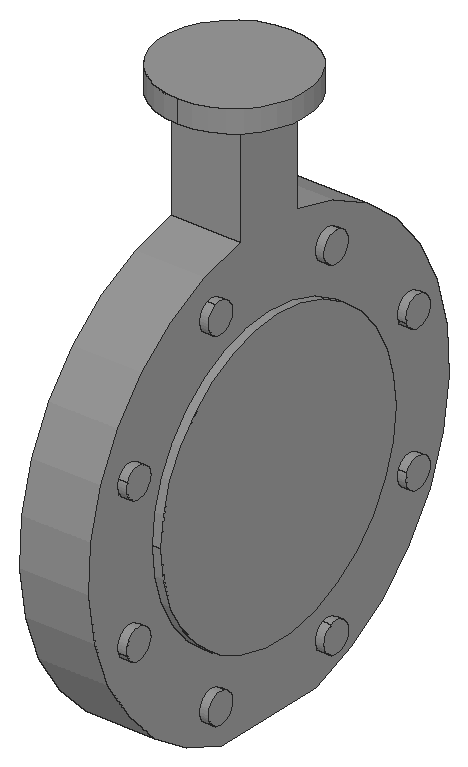
Revit family "Valve-Butterfly-VSI-Series_2100_2-24", category Pipe Accessories, Revit 2027
Family settings
  Round Connector Dimension = Use Diameter
  Part Type = Valve - Breaks Into
  Classification Number = 23.65.55.00
  Work Plane-Based = No
  Always vertical = No
  Cut with Voids When Loaded = No
  Shared = No
Parameters (values of type "Manual Gear Operation")
  Worm Gear B Control [instance] = or(Valve Connection Diameter = 1' 8", Valve Connection Diameter = 2' 0")  # no
  Worm Gear A Control [instance] = and(Valve Connection Diameter < 1' 8", Manual Actuator_Worm Gear A)  # yes
  Width [instance] = size_lookup(Lookup Table Name, "UnitWidt", 0' 1", Valve Connection Diameter)  # 0' - 10 1/2"
  Weight Valve [instance] = if(Graphic Selection = 2, 7.40 lbf, if(Graphic Selection = 2.5, 9.10 lbf, if(Graphic Selection = 3, 9.60 lbf, if(Graphic Selection = 4, 15.00 lbf, if(Graphic Selection = 5, 20.60 lbf, if(Graphic Selection = 6, 23.70 lbf, if(Graphic Selection = 8, 38.00 lbf, if(Graphic Selection = 10, 57.00 lbf, if(Graphic Selection = 12, 87.00 lbf, if(Graphic Selection = 14, 135.00 lbf, if(Graphic Selection = 16, 203.00 lbf, if(Graphic Selection = 18, 243.00 lbf, if(Graphic Selection = 20, 338.00 lbf, if(Graphic Selection = 24, 490.00 lbf, 0.00 lbf))))))))))))))  # 23.70 lbf
  Valve Pressure Drop [instance] = 0.00 psi
  Valve Connection Diameter [instance] = 6"
  URL = "https://valvesolutions.com/"
  Type Comments = "Delete any size not needed to save file size."
  Temperature Range Steam 150 PSI [instance] = "365 F"  # constant formula
  Simplified Graphic Representation [instance] = yes
  Shaft Material [instance] = "[316] , [416] Stainless Steel"
  Seat Material Notes [instance] = "Check Project Requirements before selecting desired Seat Material"  # constant formula
  Seat Material [instance] = "[EPDM -40 to 250 F] , [Buna-N -30 to 225 F] , [FPM Viton -10 to 400 F] , [PTFE Teflon -100 to 450 F]"
  Product Page URL = "https://valvesolutions.com/product/worm-gear-operator/"
  Product Name = "Series 2100 Butterfly Valve with Manual Gear"
  Product Documentation Link = "https://valvesolutions.com/docs/butterfly-valves/series-2100-butterfly-valve-product-brochure.pdf"
  Pressure Rating = 2770.76 in-wg
  Plumbing Connection Type [instance] = "Lugged"  # constant formula
  PlanDetailTickSize [instance] = Valve Connection Diameter / 2 + 0' 1"  # 0' - 4"
  PlanDetailActuatorSpacing [instance] = PlanDetailTickSize / 1.5  # 0' - 2.66667"
  PlanDetailActuatorSize [instance] = Valve Connection Diameter / 2  # 0' - 3"
  Operator Finish [instance] = Metal - VSI - Black
  Model = "S21xxx"
  Manufacturer = "Valve Solutions, Inc"
  Manual Actuator_Worm Gear B = yes
  Manual Actuator_Worm Gear A = yes
  Manual Actuator_Lever = no
  Lookup Table Name = "VSI2WayButterflyValve"  # constant formula
  Lever Actuator Control [instance] = and(Manual Actuator_Lever, not(Valve Connection Diameter > 1' 0"))  # no
  Length [instance] = size_lookup(Lookup Table Name, "UnitLen", 0' 1", Valve Connection Diameter)  # 0' - 2.205"
  Leakage [instance] = "Class VI"  # constant formula
  Keynote = "40 05 64.16"
  K Coefficient [instance] = 0
  Interior Valve Material [instance] = "[304 Stainless] , [316 Stainless] , [Aluminum Bronze] , [Nylon Coated Iron]"
  Height [instance] = H1 + H2  # 1' - 2.37625"
  GraphicVis8 [instance] = Valve Connection Diameter = 0' 8"  # no
  GraphicVis6 [instance] = Valve Connection Diameter = 0' 6"  # yes
  GraphicVis5 [instance] = Valve Connection Diameter = 0' 5"  # no
  GraphicVis4 [instance] = Valve Connection Diameter = 0' 4"  # no
  GraphicVis3 [instance] = Valve Connection Diameter = 0' 3"  # no
  GraphicVis24 [instance] = Valve Connection Diameter = 2' 0"  # no
  GraphicVis212 [instance] = Valve Connection Diameter = 0' 2 1/2"  # no
  GraphicVis20 [instance] = Valve Connection Diameter = 1' 8"  # no
  GraphicVis2 [instance] = Valve Connection Diameter = 0' 2"  # no
  GraphicVis18 [instance] = Valve Connection Diameter = 1' 6"  # no
  GraphicVis16 [instance] = Valve Connection Diameter = 1' 4"  # no
  GraphicVis14 [instance] = Valve Connection Diameter = 1' 2"  # no
  GraphicVis12 [instance] = Valve Connection Diameter = 1' 0"  # no
  GraphicVis10 [instance] = Valve Connection Diameter = 0' 10"  # no
  Graphic Selection [instance] = size_lookup(Lookup Table Name, "Selec", 1, Valve Connection Diameter)  # 6
  Flange Bolt Pattern Rotation [instance] = (((ANSIClass150BoltCount - 2) * 180.00°) / ANSIClass150BoltCount) / 2  # 67.50°
  Flange Bolt Diameter [instance] = size_lookup(Lookup Table Name, "BoltDia", 0' 1", Valve Connection Diameter)  # 0' - 0 3/4"
  Flange Bolt Circle Diameter [instance] = size_lookup(Lookup Table Name, "BoltCirc", 1' 0", Valve Connection Diameter)  # 0' - 9 1/2"
  Flange ANSI Rating = 150  # constant formula
  H2 [instance] = size_lookup(Lookup Table Name, "UnitHeiE", 0' 1", Valve Connection Diameter)  # 0' - 8 29/32"
  Finish [instance] = Metal - VSI - Coated
  Design Valve Water Flow [instance] = 0 GPM
  Description = "Valve Solutions Butterfly Valve with Worm Gear - Series 2100"
  H1 [instance] = size_lookup(Lookup Table Name, "UnitHeiD", 0' 1", Valve Connection Diameter)  # 0' - 5.47"
  Default Elevation = 0' - 0"
  ConRad [instance] = if(Graphic Selection = 2, 0' 1 99/128", if(Graphic Selection = 2.5, 0' 1 31/32", if(Graphic Selection = 3, 0' 2 23/64", if(Graphic Selection = 4, 0' 2 61/64", if(Graphic Selection = 5, 0' 3 1/8", if(Graphic Selection = 6, 0' 3 173/256", if(Graphic Selection = 8, 0' 4 93/128", if(Graphic Selection = 10, 0' 6 51/256", if(Graphic Selection = 12, 0' 7 137/256", if(Graphic Selection = 14, 0' 8 5/8", if(Graphic Selection = 16, 0' 9 1/4", if(Graphic Selection = 18, 0' 10 15/64", if(Graphic Selection = 20, 0' 11 3/4", if(Graphic Selection = 24, 1' 1 3/4", 0' 2"))))))))))))))  # 0' - 3 173/256"
  Component Material [instance] = Plastic - Black
  Bushing Material [instance] = "[PTFE] , [Lubricated Bronze]"
  Body Material [instance] = "[Ductile Iron][Cast Iron]"
  Assembly Code = "D2090800"
  Actual Valve Water Flow [instance] = 0 GPM
  ANSIClass150BoltCount [instance] = size_lookup(Lookup Table Name, "BoltCou", 4, Valve Connection Diameter)  # 8
Reference planes (in)
  plane 1 "Center (Front/Back)": y = 0
  plane 2: z = 0
  plane 3 "Center (Left/Right)": x = 0
  plane 4: x = -1.1025
  plane 5: x = 1.1025
  plane 6: y = -5.47
  plane 7: y = 3.67578
  plane 8: y = -3.67578
  plane 9 "H2": z = 8.90625
  plane 10: z = 3.67578
  plane 11: z = -3.67578
Forms (in)
  Extrusion 1, solid, material "Valve Body - Factory Epoxy (Dark Grey)", detail levels fine
    sketch origin (0, 0, 0) x (0, 1, 0) y (0, 0, 1)
      loop
        circle (0, 0) r 3.67578
    from -1.1025 to 1.1025
Lines and regions (in)
  reference lines
    curve 1: line (0, 0, 0) -> (0, 4.40086, 10.62461)
  model lines, detail levels coarse+medium
    curve 2: circle (0, 0, 0) r 0.25 normal (0, -1, 0)
    curve 3: line (-1.1025, 0, 3.67578) -> (-1.1025, 0, -3.67578)
    curve 4: line (-1.1025, 0, -3.67578) -> (1.1025, 0, 3.67578)
    curve 5: line (1.1025, 0, 3.67578) -> (1.1025, 0, -3.67578)
Dimensions and locks (in)
  equal spacing: plane 4, plane 3 "Center (Left/Right)", plane 5
  "Length": plane 4 to plane 5
  "H1": plane 6 to plane 1 "Center (Front/Back)"
  "ConRad": plane 1 "Center (Front/Back)" to plane 7
  "ConRad": plane 8 to plane 1 "Center (Front/Back)"
  "H2": plane 9 "H2" to level
  "ConRad": plane 10 to level
  "ConRad": level to plane 11
  "ConRad": radius of Extrusion 1 sketch curve
  "Flange Bolt Pattern Rotation": angle level to curve 1
  aligned and locked: plane 2 to level
  aligned and locked: Extrusion 1 to plane 5
  aligned and locked: plane 4 to Extrusion 1
  aligned and locked: nested 2 to curve 1
  aligned and locked: plane 3 "Center (Left/Right)" to nested 16
  aligned and locked: plane 5 to curve 5
  aligned and locked: plane 4 to curve 3
  aligned and locked: plane 10 to curve 3
  aligned and locked: plane 11 to curve 5
  aligned and locked: plane 11 to curve 3
  aligned and locked: plane 10 to curve 5
  aligned and locked: nested 16 to plane 1 "Center (Front/Back)"
Automatic sketch dimensions
  curve 2 to level = 0' - 0"
  curve 2 to plane 3 "Center (Left/Right)" = 0' - 0"
  Extrusion 1 sketch curve to level = 0' - 0"
  Extrusion 1 sketch curve to plane 1 "Center (Front/Back)" = 0' - 0"
  curve 1 to level = 0' - 0"
  curve 1 to plane 1 "Center (Front/Back)" = 0' - 0"
  radius of curve 2 = 0' - 0 1/4"
Nested families (in)
  nested 1: "2100SeriesButterfly_2LuggedBody" at (0, 0, 0) x (0, -1, 0) z (-1, 0, 0), finish <- "Finish", interior component <- "Component Material", selection <- "Graphic Selection", visible <- "GraphicVis2", Simplified <- "Simplified Graphic Representation", type "2100SeriesButterfly_2LuggedBody", detail levels fine
    with valvevis no, simpvis no, selection 6, interior component Plastic - Black, finish Metal - VSI - Coated, Simplified yes, Complex no
  nested 2: "FlangeBoltHoleVisual" at (0, 0, 0) x (0, 0.9239, -0.3827) z (1, 0, 0), ArrayCount <- "ANSIClass150BoltCount", HoleDia <- "Flange Bolt Diameter", SpaceDia <- "Flange Bolt Circle Diameter", Thickness <- "Length", type "FlangeBoltHoleVisual", detail levels fine
    with finish Valve Body - Factory Epoxy (Dark Grey), Thickness 0' - 2.205", SpaceDia 0' - 9 1/2", HoleDia 0' - 0 3/4", ArrayCount 8
  nested 3: "2100SeriesButterfly_212LuggedBody" at (0, 0, 0) x (0, -1, 0) z (-1, 0, 0), finish <- "Finish", interior component <- "Component Material", selection <- "Graphic Selection", visible <- "GraphicVis212", Simplified <- "Simplified Graphic Representation", type "2100SeriesButterfly_212LuggedBody", detail levels fine
    with valvevis no, simpvis no, selection 6, interior component Plastic - Black, finish Metal - VSI - Coated, Simplified yes, Complex no
  nested 4: "2100SeriesButterfly_3LuggedBody" at (0, 0, 0) x (0, -1, 0) z (-1, 0, 0), finish <- "Finish", interior component <- "Component Material", selection <- "Graphic Selection", visible <- "GraphicVis3", Simplified <- "Simplified Graphic Representation", type "2100SeriesButterfly_3LuggedBody", detail levels fine
    with valvevis no, simpvis no, selection 6, interior component Plastic - Black, finish Metal - VSI - Coated, Simplified yes, Complex no
  nested 5: "2100SeriesButterfly_4LuggedBody" at (0, 0, 0) x (0, -1, 0) z (-1, 0, 0), finish <- "Finish", interior component <- "Component Material", selection <- "Graphic Selection", visible <- "GraphicVis4", Simplified <- "Simplified Graphic Representation", type "2100SeriesButterfly_4LuggedBody", detail levels fine
    with valvevis no, simpvis no, selection 6, interior component Plastic - Black, finish Metal - VSI - Coated, Simplified yes, Complex no
  nested 6: "2100SeriesButterfly_5LuggedBody" at (0, 0, 0) x (0, -1, 0) z (-1, 0, 0), finish <- "Finish", interior component <- "Component Material", selection <- "Graphic Selection", visible <- "GraphicVis5", Simplified <- "Simplified Graphic Representation", type "2100SeriesButterfly_5LuggedBody", detail levels fine
    with valvevis no, simpvis no, selection 6, interior component Plastic - Black, finish Metal - VSI - Coated, Simplified yes, Complex no
  nested 7: "2100SeriesButterfly_6LuggedBody" at (0, 0, 0) x (0, -1, 0) z (-1, 0, 0), interior component <- "Component Material", selection <- "Graphic Selection", visible <- "GraphicVis6", Simplified <- "Simplified Graphic Representation", type "2100SeriesButterfly_6LuggedBody", detail levels fine
    with valvevis yes, simpvis yes, selection 6, interior component Plastic - Black, finish Valve Body - Factory Epoxy (Dark Grey), Simplified yes, Complex no
  nested 8: "2100SeriesButterfly_8LuggedBody" at (0, 0, 0) x (0, -1, 0) z (-1, 0, 0), finish <- "Finish", interior component <- "Component Material", selection <- "Graphic Selection", visible <- "GraphicVis8", Simplified <- "Simplified Graphic Representation", type "2100SeriesButterfly_8LuggedBody", detail levels fine
    with valvevis no, simpvis no, selection 6, interior component Plastic - Black, finish Metal - VSI - Coated, Simplified yes, Complex no
  nested 9: "2100SeriesButterfly_10LuggedBody" at (0, 0, 0) x (0, -1, 0) z (-1, 0, 0), finish <- "Finish", interior component <- "Component Material", selection <- "Graphic Selection", visible <- "GraphicVis10", Simplified <- "Simplified Graphic Representation", type "2100SeriesButterfly_10LuggedBody", detail levels fine
    with valvevis no, simpvis no, selection 6, interior component Plastic - Black, finish Metal - VSI - Coated, Simplified yes, Complex no
  nested 10: "2100SeriesButterfly_12LuggedBody" at (0, 0, 0) x (0, -1, 0) z (-1, 0, 0), finish <- "Finish", interior component <- "Component Material", selection <- "Graphic Selection", visible <- "GraphicVis12", Simplified <- "Simplified Graphic Representation", type "2100SeriesButterfly_12LuggedBody", detail levels fine
    with valvevis no, simpvis no, selection 6, interior component Plastic - Black, finish Metal - VSI - Coated, Simplified yes, Complex no
  nested 11: "2100SeriesButterfly_14LuggedBody" at (0, 0, 0) x (0, -1, 0) z (-1, 0, 0), finish <- "Finish", interior component <- "Component Material", selection <- "Graphic Selection", visible <- "GraphicVis14", Simplified <- "Simplified Graphic Representation", type "2100SeriesButterfly_14LuggedBody", detail levels fine
    with valvevis no, simpvis no, selection 6, interior component Plastic - Black, finish Metal - VSI - Coated, Simplified yes, Complex no
  nested 12: "2100SeriesButterfly_16LuggedBody" at (0, 0, 0) x (0, -1, 0) z (-1, 0, 0), finish <- "Finish", interior component <- "Component Material", selection <- "Graphic Selection", visible <- "GraphicVis16", Simplified <- "Simplified Graphic Representation", type "2100SeriesButterfly_16LuggedBody", detail levels fine
    with valvevis no, simpvis no, selection 6, interior component Plastic - Black, finish Metal - VSI - Coated, Simplified yes, Complex no
  nested 13: "2100SeriesButterfly_18LuggedBody" at (0, 0, 0) x (0, -1, 0) z (-1, 0, 0), finish <- "Finish", interior component <- "Component Material", selection <- "Graphic Selection", visible <- "GraphicVis18", Simplified <- "Simplified Graphic Representation", type "2100SeriesButterfly_18LuggedBody", detail levels fine
    with valvevis no, simpvis no, selection 6, interior component Plastic - Black, finish Metal - VSI - Coated, Simplified yes, Complex no
  nested 14: "2100SeriesButterfly_20LuggedBody" at (0, 0, 0) x (0, -1, 0) z (-1, 0, 0), finish <- "Finish", interior component <- "Component Material", selection <- "Graphic Selection", visible <- "GraphicVis20", Simplified <- "Simplified Graphic Representation", type "2100SeriesButterfly_20LuggedBody", detail levels fine
    with valvevis no, simpvis no, selection 6, interior component Plastic - Black, finish Metal - VSI - Coated, Simplified yes, Complex no
  nested 15: "2100SeriesButterfly_24LuggedBody" at (0, 0, 0) x (0, -1, 0) z (-1, 0, 0), finish <- "Finish", interior component <- "Component Material", selection <- "Graphic Selection", visible <- "GraphicVis24", Simplified <- "Simplified Graphic Representation", type "2100SeriesButterfly_24LuggedBody", detail levels fine
    with valvevis no, simpvis no, selection 6, interior component Plastic - Black, finish Metal - VSI - Coated, Simplified yes, Complex no
  nested 16: "Butterfly Valve Detail - Manual Actuator" at (0, 0, 0) x (-1, 0, 0) z (0, 0, 1), Length <- "Length", Tick Size <- "PlanDetailTickSize", ActuatorHeight <- "PlanDetailActuatorSize", ActuatorSpacing <- "PlanDetailActuatorSpacing", type "Butterfly Valve Detail - Motorized Actuator", detail levels coarse+medium
    with Tick Size 0' - 4", Length 0' - 2.205", DiskOffsetControl 0' - 0 1/8", DiskCenterSize 0' - 0 1/2", ActuatorSpacing 0' - 2.66667", ActuatorHeight 0' - 3"
  nested 17: "ManualLever" at (0, -0.02344, 8.90625) x (0, -1, 0) z (0, 0, 1), Connection Diameter <- "Valve Connection Diameter", visible <- "Lever Actuator Control", type "ManualLever", detail levels fine
    with Plate Diameter 0' - 4 87/256", Max Connection Size "Lever can be used up to size 12. Use WormGear if larger.", Material Valve Body - Factory Epoxy (Dark Grey), E 0' - 1 5/256", D 0' - 2 77/256", Connection Diameter 6", C 0' - 0 251/256", B 0' - 2 1/8", A 0' - 10 7/32"
Connectors (in)
  piping at (1.1025, 0, 0), diameter 6, driven by "Valve Connection Diameter", driven by "Actual Valve Water Flow", driven by "K Coefficient"
    settings: on Extrusion 1, index 1, connector inside diameter 24", connector length 0' - 0", flow factor 0, pipe flow 0 GPM, pressure drop 0.00 psi, fitting loss kfactor 0, connector angle 0.00°, fixture units 0, engagement length 0' - 0", angle of deflection 0.00°, flow configuration 0, flow direction 0, fitting loss method 2, system type 28, joint type 0, gender type 0, connector reference index 2, connector utility 0, adjustable connector no, is connector primary no, connector description "Other Side"
  piping at (-1.1025, 0, 0), diameter 6, driven by "Valve Connection Diameter", driven by "Actual Valve Water Flow"
    settings: on Extrusion 1, index 2, connector inside diameter 24", connector length 0' - 0", flow factor 0, pipe flow 0 GPM, pressure drop 0.00 psi, fitting loss kfactor 0, connector angle 0.00°, fixture units 0, engagement length 0' - 0", angle of deflection 0.00°, flow configuration 0, flow direction 0, fitting loss method 2, system type 28, joint type 0, gender type 0, connector reference index 1, connector utility 0, adjustable connector no, is connector primary yes, connector description "Ball Side"
Definition of nested family "FlangeBoltHoleVisual"
  Parameters (values of type "FlangeBoltHoleVisual")
    finish [instance] = none
    Thickness [instance] = 0' - 4 1/2"
    SpaceDia [instance] = 1' - 0"
    HoleDia [instance] = 0' - 2"
    Default Elevation = 4' - 0"
    ArrayCount [instance] = 4
  Reference planes (in)
    plane 1 "Center (Front/Back)": y = 0
    plane 2: z = 0
    plane 3 "Center (Left/Right)": x = 0
  Dimensions and locks (in)
    aligned and locked: plane 2 to level
  Nested families (in)
    nested 1: "Family3" at (0, 0, 0), finish <- "finish", HoleDia <- "HoleDia", SpaceDia <- "SpaceDia", Thickness <- "Thickness", type "Family3"
      with finish none, Thickness 0' - 4 1/2", SpaceRad 0' - 6", SpaceDia 1' - 0", HoleDia 0' - 2"
    nested 2: "Family3" at (0, 0, 0) x (0, -1, 0) z (0, 0, 1), finish <- "finish", HoleDia <- "HoleDia", SpaceDia <- "SpaceDia", Thickness <- "Thickness", type "Family3"
      with finish none, Thickness 0' - 4 1/2", SpaceRad 0' - 6", SpaceDia 1' - 0", HoleDia 0' - 2"
    nested 3: "Family3" at (0, 0, 0) x (-1, 0, 0) z (0, 0, 1), finish <- "finish", HoleDia <- "HoleDia", SpaceDia <- "SpaceDia", Thickness <- "Thickness", type "Family3"
      with finish none, Thickness 0' - 4 1/2", SpaceRad 0' - 6", SpaceDia 1' - 0", HoleDia 0' - 2"
    nested 4: "Family3" at (0, 0, 0) x (0, 1, 0) z (0, 0, 1), finish <- "finish", HoleDia <- "HoleDia", SpaceDia <- "SpaceDia", Thickness <- "Thickness", type "Family3"
      with finish none, Thickness 0' - 4 1/2", SpaceRad 0' - 6", SpaceDia 1' - 0", HoleDia 0' - 2"
  Definition of nested family "Family3"
    Parameters (values of type "Family3")
      finish [instance] = none
      Thickness [instance] = 0' - 4 1/2"
      SpaceRad [instance] = SpaceDia / 2  # 0' - 2 1/2"
      SpaceDia [instance] = 0' - 5"
      HoleDia [instance] = 0' - 2"
      Default Elevation = 4' - 0"
    Reference planes (in)
      plane 1 "Center (Front/Back)": y = 0
      plane 2: z = 0
      plane 3 "Center (Left/Right)": x = 0
      plane 4: z = 2.25
      plane 5: z = -2.25
    Forms (in)
      Extrusion 1, solid, material <- "finish"
        sketch origin (0, 0, 0) x (1, 0, 0) y (0, 1, 0)
          loop
            circle (-2.5, 0) r 1
        from -2.25 to 2.25
    Dimensions and locks (in)
      "SpaceRad": Extrusion 1 sketch curve to plane 3 "Center (Left/Right)"
      equal spacing: plane 4, level, plane 5
      "Thickness": plane 4 to plane 5
      "HoleDia": diameter of Extrusion 1 sketch curve
      aligned and locked: plane 2 to level
      aligned and locked: Extrusion 1 to plane 5
      aligned and locked: plane 4 to Extrusion 1
    Automatic sketch dimensions
      plane 1 "Center (Front/Back)" to Extrusion 1 sketch curve = 0' - 0"
Definition of nested family "2100SeriesButterfly_6LuggedBody"
  Parameters (values of type "2100SeriesButterfly_6LuggedBody")
    valvevis [instance] = selection = 6  # yes
    simpvis [instance] = and(valvevis, Simplified)  # yes
    selection [instance] = 6
    interior component [instance] = none
    finish [instance] = none
    Simplified [instance] = yes
    Default Elevation = 4' - 0"
    Complex [instance] = and(valvevis, not(Simplified))  # no
  Reference planes (in)
    plane 1 "Center (Front/Back)": y = 0
    plane 2: z = 0
    plane 3 "Center (Left/Right)": x = 0
    plane 4: y = 8.90625
  Forms (in)
    Sweep 1, solid, material <- "finish", visible <- "Complex"
      path origin (0, 0, 0) x (1, 0, 0) y (0, 0, 1)
        loop
          line (0, -0.867) -> (0, 0.867)
      profile "2100SeriesButterfly_6Lugged : 2100SeriesButterfly_6Lugged" origin (0, 0, 0) x (-1, 0, 0) y (0, -1, 0)
        loop
          line (-0.86614, -6.51442) -> (0.86614, -6.51442) -> (0.86614, -5.22228)
          arc (0.86614, -5.22228) -> (0.98761, -5.03629) -> (1.20675, -5.07275) r 0.20312
          arc (1.20675, -5.07275) -> (2.33477, -5.14774) -> (2.65054, -4.06222) r 0.90225
          line (2.65054, -4.06222) -> (2.52286, -3.75509)
          arc (2.52286, -3.75509) -> (2.51398, -3.62546) -> (2.58548, -3.51697) r 0.20312
          arc (2.58548, -3.51697) -> (3.07986, -3.07986) -> (3.51697, -2.58548) r 5.37556
          arc (3.51697, -2.58548) -> (3.62546, -2.51398) -> (3.75509, -2.52286) r 0.20312
          line (3.75509, -2.52286) -> (4.06222, -2.65054)
          arc (4.06222, -2.65054) -> (5.2557, -2.12792) -> (4.68267, -0.9578) r 0.90225
          line (4.68267, -0.9578) -> (4.45705, -0.88586)
          arc (4.45705, -0.88586) -> (4.34662, -0.80017) -> (4.31771, -0.66342) r 0.20312
          arc (4.31771, -0.66342) -> (4.36356, -0.02247) -> (4.31771, 0.61848) r 4.50233
          arc (4.31771, 0.61848) -> (4.34662, 0.75523) -> (4.45705, 0.84092) r 0.20312
          line (4.45705, 0.84092) -> (4.68267, 0.91287)
          arc (4.68267, 0.91287) -> (5.2557, 2.08298) -> (4.06222, 2.60561) r 0.90225
          line (4.06222, 2.60561) -> (3.75509, 2.47793)
          arc (3.75509, 2.47793) -> (3.62546, 2.46905) -> (3.51697, 2.54054) r 0.20312
          arc (3.51697, 2.54054) -> (3.07986, 3.03493) -> (2.58548, 3.47203) r 5.37556
          arc (2.58548, 3.47203) -> (2.51398, 3.58052) -> (2.52286, 3.71015) r 0.20312
          line (2.52286, 3.71015) -> (2.65054, 4.01728)
          arc (2.65054, 4.01728) -> (2.33477, 5.10281) -> (1.20675, 5.02781) r 0.90225
          arc (1.20675, 5.02781) -> (0.98761, 4.99135) -> (0.86614, 5.17734) r 0.20312
          line (0.86614, 5.17734) -> (0.86614, 5.45408) -> (-0.86614, 5.45408) -> (-0.86614, 5.17734)
          arc (-0.86614, 5.17734) -> (-0.98761, 4.99135) -> (-1.20675, 5.02781) r 0.20312
          arc (-1.20675, 5.02781) -> (-2.33477, 5.10281) -> (-2.65054, 4.01728) r 0.90225
          line (-2.65054, 4.01728) -> (-2.52286, 3.71015)
          arc (-2.52286, 3.71015) -> (-2.51398, 3.58052) -> (-2.58548, 3.47203) r 0.20312
          arc (-2.58548, 3.47203) -> (-3.07986, 3.03493) -> (-3.51697, 2.54054) r 5.37556
          arc (-3.51697, 2.54054) -> (-3.62546, 2.46905) -> (-3.75509, 2.47793) r 0.20312
          line (-3.75509, 2.47793) -> (-4.06222, 2.60561)
          arc (-4.06222, 2.60561) -> (-5.2557, 2.08298) -> (-4.68267, 0.91287) r 0.90225
          line (-4.68267, 0.91287) -> (-4.45705, 0.84092)
          arc (-4.45705, 0.84092) -> (-4.34662, 0.75523) -> (-4.31771, 0.61848) r 0.20312
          arc (-4.31771, 0.61848) -> (-4.36356, -0.02247) -> (-4.31771, -0.66342) r 4.50233
          arc (-4.31771, -0.66342) -> (-4.34662, -0.80017) -> (-4.45705, -0.88586) r 0.20312
          line (-4.45705, -0.88586) -> (-4.68267, -0.9578)
          arc (-4.68267, -0.9578) -> (-5.2557, -2.12792) -> (-4.06222, -2.65054) r 0.90225
          line (-4.06222, -2.65054) -> (-3.75509, -2.52286)
          arc (-3.75509, -2.52286) -> (-3.62546, -2.51398) -> (-3.51697, -2.58548) r 0.20312
          arc (-3.51697, -2.58548) -> (-3.07986, -3.07986) -> (-2.58548, -3.51697) r 5.37556
          arc (-2.58548, -3.51697) -> (-2.51398, -3.62546) -> (-2.52286, -3.75509) r 0.20312
          line (-2.52286, -3.75509) -> (-2.65054, -4.06222)
          arc (-2.65054, -4.06222) -> (-2.33477, -5.14774) -> (-1.20675, -5.07275) r 0.90225
          arc (-1.20675, -5.07275) -> (-0.98761, -5.03629) -> (-0.86614, -5.22228) r 0.20312
          line (-0.86614, -5.22228) -> (-0.86614, -6.51442)
    Extrusion 2, solid, material <- "finish", visible <- "Complex"
      sketch origin (0, 0, 0) x (1, 0, 0) y (0, 0, 1)
        loop
          line (0.51259, 0.867) -> (-0.51259, 0.867) -> (-0.86614, 0.51345) -> (-0.86614, -0.51345) -> (-0.51259, -0.867) -> (0.51259, -0.867) -> (0.86614, -0.51345) -> (0.86614, 0.51345) -> (0.51259, 0.867)
      from -6.51442 to -8.34375
    Extrusion 3, solid, material <- "finish", visible <- "valvevis"
      sketch origin (0, -1.65391, 0) x (1, 0, 0) y (0, 0, 1)
        loop
          circle (0, 0) r 1.78125
      from -10.56016 to -9.99766
    Extrusion 4, solid, material <- "finish", visible <- "simpvis"
      sketch origin (0, 0, 0) x (1, 0, 0) y (0, 1, 0)
        loop
          arc (-0.86614, 5.58572) -> (-5.64363, 0.31605) -> (-1.48439, -5.45408) r 5.65247
          line (-1.48439, -5.45408) -> (1.48439, -5.45408)
          arc (1.48439, -5.45408) -> (5.64363, 0.31605) -> (0.86614, 5.58572) r 5.65247
          line (0.86614, 5.58572) -> (0.86614, 8.34375) -> (-0.86614, 8.34375) -> (-0.86614, 5.58572)
      from -0.867 to 0.867
  Dimensions and locks (in)
    aligned and locked: plane 2 to level
Definition of nested family "ManualLever"
  Parameters (values of type "ManualLever")
    Plate Diameter [instance] = D + (E * 2)  # 0' - 4 87/256"
    Max Connection Size [instance] = "Lever can be used up to size 12. Use WormGear if larger."  # constant formula
    Material [instance] = none
    E [instance] = if(Connection Diameter < 0' 8", 0' 1 5/256", 0' 1 13/128")  # 0' - 1 5/256"
    Default Elevation = 0' - 0"  # constant formula
    D [instance] = if(Connection Diameter < 0' 8", 0' 2 77/256", 0' 3 59/256")  # 0' - 2 77/256"
    Connection Diameter [instance] = 2"
    C [instance] = if(Connection Diameter < 0' 8", 0' 0 251/256", 0' 1 67/256")  # 0' - 0 251/256"
    B [instance] = if(Connection Diameter < 0' 4", 0' 2 1/16", if(Connection Diameter < 0' 5", 0' 2 7/32", if(Connection Diameter < 0' 8", 0' 2 1/8", if(Connection Diameter < 0' 10", 0' 2 83/128", if(Connection Diameter < 1' 0", 0' 3 169/256", 0' 3 169/256")))))  # 0' - 2 1/16"
    A [instance] = if(Connection Diameter < 0' 4", 0' 7 5/8", if(Connection Diameter < 0' 5", 0' 8 1/2", if(Connection Diameter < 0' 8", 0' 10 7/32", if(Connection Diameter < 0' 10", 1' 0 9/32", if(Connection Diameter < 1' 0", 1' 2 7/8", 1' 2 7/8")))))  # 0' - 7 5/8"
  Reference planes (in)
    plane 1 "Center (Front/Back)": y = 0
    plane 2: z = 0
    plane 3 "Center (Left/Right)": x = 0
    plane 4: x = -1.01953
    plane 5: z = 0.98047
    plane 6: z = -1.08203
    plane 7: x = 2.30078
    plane 8: x = 7.625
  Forms (in)
    Extrusion 1, solid, material <- "Material"
      sketch origin (0, 0, 0) x (1, 0, 0) y (0, 1, 0)
        loop
          circle (0.00586, 0) r 2.16992
      from 0 to 0.09375
    Extrusion 2, solid, material <- "Material"
      sketch origin (0, 0, 0) x (1, 0, 0) y (0, 1, 0)
        loop
          circle (0, 0) r 0.75
      from 0 to 0.17575
    Extrusion 3, solid, material <- "Material"
      sketch origin (0, 0, 0) x (1, 0, 0) y (0, 0, 1)
        loop
          line (-0.75, 0.17575) -> (3.82028, 0.17575) -> (4.125, 0.48047) -> (7.625, 0.48047) -> (7.625, 0.98047) -> (-0.32753, 0.98047) -> (-1.01953, 0.64296) -> (-1.01953, 0.44528) -> (-0.75, 0.17575)
      from 0.5 to -0.5
    Extrusion 4, solid, material <- "Material"
      sketch origin (0, 0, 0) x (1, 0, 0) y (0, 0, 1)
        loop
          line (2.30078, 0.17575) -> (2.30078, -0.32425)
          arc (2.30078, -0.32425) -> (4.79846, -0.47766) -> (7.22677, -1.08203) r 13.72426
          line (7.22677, -1.08203) -> (7.22677, -0.4647)
          arc (7.22677, -0.4647) -> (4.79913, 0.1274) -> (2.30078, 0.17575) r 11.38758
      from 0.375 to -0.375
  Dimensions and locks (in)
    "E": plane 3 "Center (Left/Right)" to plane 4
    "D": plane 7 to plane 3 "Center (Left/Right)"
    "A": plane 8 to plane 3 "Center (Left/Right)"
    "C": plane 5 to level
    "B": plane 5 to plane 6
    locked: Extrusion 1 sketch curve to plane 7 at 0.125
    Extrusion 4 sketch curve to level to Extrusion 4 sketch curve = 0' - 0.17575" locked, 0' - 0.32425" locked
    Extrusion 4 sketch curve to plane 6 to Extrusion 4 sketch curve = 0' - 0.61733" locked, 0' - 0" locked
    "Plate Diameter": diameter of Extrusion 1 sketch curve
    aligned and locked: plane 2 to level
  Automatic sketch dimensions
    plane 1 "Center (Front/Back)" to Extrusion 2 sketch curve = 0' - 0"
    Extrusion 2 sketch curve to plane 3 "Center (Left/Right)" = 0' - 0"
    Extrusion 3 sketch curve to plane 4 = 0' - 0"
    Extrusion 3 sketch curve to plane 5 = 0' - 0"
    Extrusion 3 sketch curve to plane 8 = 0' - 0"
    Extrusion 3 sketch curve to plane 3 "Center (Left/Right)" = 0' - 0.32753"
    plane 7 to Extrusion 3 sketch curve = 0' - 1 211/256"
    level to Extrusion 3 sketch curve = 0' - 0.44528"
    Extrusion 3 sketch curve to Extrusion 3 sketch curve = 0' - 0.19768"
    plane 4 to Extrusion 3 sketch curve = 0' - 0 69/256"
    level to Extrusion 3 sketch curve = 0' - 0.17575"
    Extrusion 3 sketch curve to Extrusion 3 sketch curve = 0' - 0.30472"  (x2)
    Extrusion 4 sketch curve to plane 7 = 0' - 0"
    plane 7 to Extrusion 4 sketch curve = 0' - 0.41098"
    plane 7 to Extrusion 4 sketch curve = 0' - 1.03015"
    Extrusion 4 sketch curve to plane 8 = 0' - 0.39823"
    plane 1 "Center (Front/Back)" to Extrusion 1 sketch curve = 0' - 0"
    radius of Extrusion 2 sketch curve = 0' - 0 3/4"
Definition of nested family "2100SeriesButterfly_2LuggedBody"
  Parameters (values of type "2100SeriesButterfly_2LuggedBody")
    valvevis [instance] = selection = 2  # yes
    simpvis [instance] = and(valvevis, Simplified)  # yes
    selection [instance] = 2
    interior component [instance] = none
    finish [instance] = none
    Simplified [instance] = yes
    Default Elevation = 4' - 0"
    Complex [instance] = and(valvevis, not(Simplified))  # no
  Reference planes (in)
    plane 1 "Center (Front/Back)": y = 0
    plane 2: z = 0
    plane 3 "Center (Left/Right)": x = 0
  Forms (in)
    Sweep 1, solid, material <- "finish", visible <- "Complex"
      path origin (0, 0, 0) x (1, 0, 0) y (0, 0, 1)
        loop
          line (0, -0.7677) -> (0, 0.7677)
      profile "2100SeriesButterfly_2Lugged : 2100SeriesButterfly_2Lugged" origin (0, 0, 0) x (-1, 0, 0) y (0, -1, 0)
        loop
          arc (-1.80937, 1.01388) -> (-2.0651, 0) -> (-1.80937, -1.01388) r 2.1377
          line (-1.80937, -1.01388) -> (-2.07643, -1.28094)
          arc (-2.07643, -1.28094) -> (-2.07643, -2.07643) -> (-1.28094, -2.07643) r 0.5625
          line (-1.28094, -2.07643) -> (-1.01388, -1.80937)
          arc (-1.01388, -1.80937) -> (0, -2.0651) -> (1.01388, -1.80937) r 2.1377
          line (1.01388, -1.80937) -> (1.28094, -2.07643)
          arc (1.28094, -2.07643) -> (2.07643, -2.07643) -> (2.07643, -1.28094) r 0.5625
          line (2.07643, -1.28094) -> (1.80937, -1.01388)
          arc (1.80937, -1.01388) -> (2.0651, 0) -> (1.80937, 1.01388) r 2.1377
          line (1.80937, 1.01388) -> (2.07643, 1.28094)
          arc (2.07643, 1.28094) -> (2.07643, 2.07643) -> (1.28094, 2.07643) r 0.5625
          line (1.28094, 2.07643) -> (1.01388, 1.80937)
          arc (1.01388, 1.80937) -> (0, 2.0651) -> (-1.01388, 1.80937) r 2.1377
          line (-1.01388, 1.80937) -> (-1.28094, 2.07643)
          arc (-1.28094, 2.07643) -> (-2.07643, 2.07643) -> (-2.07643, 1.28094) r 0.5625
          line (-2.07643, 1.28094) -> (-1.80937, 1.01388)
    Revolve 2, solid, material <- "finish", visible <- "valvevis"
      sketch origin (0, 0, 0) x (1, 0, 0) y (0, 1, 0)
        loop
          line (0, -3.15) -> (0.5, -3.15) -> (0.5, -1.4) -> (0, -1.4) -> (0, -3.15)
        axis (0, -1.4) -> (0, -3.15)
      angle from 0 to 360
    Extrusion 3, solid, material <- "finish", visible <- "valvevis"
      sketch origin (0, 0, 0) x (1, 0, 0) y (0, 0, 1)
        loop
          line (-0.625, -0.6183) -> (0.625, -0.6183) -> (0.625, 0.6317) -> (-0.625, 0.6317) -> (-0.625, -0.6183)
      from -1.72785 to -5.93375
    Extrusion 4, solid, material <- "finish", visible <- "valvevis"
      sketch origin (0, -4.22016, 0) x (1, 0, 0) y (0, 0, 1)
        loop
          circle (0, 0) r 1.28125
      from -10.56016 to -10.15391
    Extrusion 5, solid, material <- "finish", visible <- "simpvis"
      sketch origin (0, 0, 0) x (1, 0, 0) y (0, 1, 0)
        loop
          circle (0, 0) r 2.93652
      from -0.7677 to 0.7677
  Dimensions and locks (in)
    aligned and locked: plane 2 to level
Definition of nested family "2100SeriesButterfly_212LuggedBody"
  Parameters (values of type "2100SeriesButterfly_212LuggedBody")
    valvevis [instance] = selection = 212  # yes
    simpvis [instance] = and(valvevis, Simplified)  # yes
    selection [instance] = 212
    interior component [instance] = none
    finish [instance] = none
    Simplified [instance] = yes
    Default Elevation = 4' - 0"
    Complex [instance] = and(valvevis, not(Simplified))  # no
  Reference planes (in)
    plane 1 "Center (Front/Back)": y = 0
    plane 2: z = 0
    plane 3 "Center (Left/Right)": x = 0
    plane 4: y = 6.89
  Forms (in)
    Sweep 1, solid, material <- "finish", visible <- "Complex"
      path origin (0, 0, 0) x (1, 0, 0) y (0, 0, 1)
        loop
          line (0, -0.82675) -> (0, 0.82675)
      profile "2100SeriesButterfly_212Lugged : 2100SeriesButterfly_212Lugged" origin (0, 0, 0) x (-1, 0, 0) y (0, -1, 0)
        loop
          arc (-1.99505, 1.2799) -> (-2.37031, -0.00582) -> (-1.98875, -1.28968) r 2.37031
          line (-1.98875, -1.28968) -> (-2.2981, -1.59903)
          arc (-2.2981, -1.59903) -> (-2.2981, -2.30614) -> (-1.59099, -2.30614) r 0.5
          line (-1.59099, -2.30614) -> (-1.2799, -1.99505)
          arc (-1.2799, -1.99505) -> (0, -2.37031) -> (1.2799, -1.99505) r 2.37031
          line (1.2799, -1.99505) -> (1.59099, -2.30614)
          arc (1.59099, -2.30614) -> (2.2981, -2.30614) -> (2.2981, -1.59903) r 0.5
          line (2.2981, -1.59903) -> (1.98875, -1.28968)
          arc (1.98875, -1.28968) -> (2.37031, -0.00582) -> (1.99505, 1.2799) r 2.37031
          line (1.99505, 1.2799) -> (2.2981, 1.58295)
          arc (2.2981, 1.58295) -> (2.2981, 2.29005) -> (1.59099, 2.29005) r 0.5
          line (1.59099, 2.29005) -> (1.28968, 1.98875)
          arc (1.28968, 1.98875) -> (0, 2.37031) -> (-1.28968, 1.98875) r 2.37031
          line (-1.28968, 1.98875) -> (-1.59099, 2.29005)
          arc (-1.59099, 2.29005) -> (-2.2981, 2.29005) -> (-2.2981, 1.58295) r 0.5
          line (-2.2981, 1.58295) -> (-1.99505, 1.2799)
    Revolve 2, solid, material <- "finish", visible <- "valvevis"
      sketch origin (0, 0, 0) x (1, 0, 0) y (0, 1, 0)
        loop
          line (0, -3.5) -> (0.625, -3.5) -> (0.625, -1.4) -> (0, -1.4) -> (0, -3.5)
        axis (0, -1.4) -> (0, -3.5)
      angle from 0 to 360
    Extrusion 3, solid, material <- "finish", visible <- "valvevis"
      sketch origin (0, 0, 0) x (1, 0, 0) y (0, 0, 1)
        loop
          line (-0.625, -0.6183) -> (0.625, -0.6183) -> (0.625, 0.6317) -> (-0.625, 0.6317) -> (-0.625, -0.6183)
      from -1.72785 to -6.48375
    Extrusion 4, solid, material <- "finish", visible <- "valvevis"
      sketch origin (0, -3.67016, 0) x (1, 0, 0) y (0, 0, 1)
        loop
          circle (0, 0) r 1.28125
      from -10.56016 to -10.15391
    Extrusion 5, solid, material <- "finish", visible <- "simpvis"
      sketch origin (0, 0, 0) x (1, 0, 0) y (0, 1, 0)
        loop
          circle (0, 0) r 3.25566
      from -0.82675 to 0.82675
  Dimensions and locks (in)
    aligned and locked: plane 2 to level
Definition of nested family "2100SeriesButterfly_3LuggedBody"
  Parameters (values of type "2100SeriesButterfly_3LuggedBody")
    valvevis [instance] = selection = 3  # yes
    simpvis [instance] = and(valvevis, Simplified)  # yes
    selection [instance] = 3
    interior component [instance] = none
    finish [instance] = none
    Simplified [instance] = yes
    Default Elevation = 4' - 0"
    Complex [instance] = and(valvevis, not(Simplified))  # no
  Reference planes (in)
    plane 1 "Center (Front/Back)": y = 0
    plane 2: z = 0
    plane 3 "Center (Left/Right)": x = 0
    plane 4: y = 7.13
  Forms (in)
    Sweep 1, solid, material <- "finish", visible <- "Complex"
      path origin (0, 0, 0) x (1, 0, 0) y (0, 0, 1)
        loop
          line (0, -0.70865) -> (0, 0.70865)
      profile "2100SeriesButterfly_3Lugged : 2100SeriesButterfly_3Lugged" origin (0, 0, 0) x (-1, 0, 0) y (0, -1, 0)
        loop
          line (-0.70866, 4.80315) -> (-0.70866, 2.81817)
          arc (-0.70866, 2.81817) -> (-0.76632, 2.67898) -> (-0.90551, 2.62132) r 0.19685
          line (-0.90551, 2.62132) -> (-2.12132, 2.62132)
          arc (-2.12132, 2.62132) -> (-2.58161, 2.31666) -> (-2.48102, 1.77392) r 0.50004
          line (-2.48102, 1.77392) -> (-2.24024, 1.52458)
          arc (-2.24024, 1.52458) -> (-2.18457, 1.40671) -> (-2.21201, 1.27927) r 0.20312
          arc (-2.21201, 1.27927) -> (-2.56518, 0) -> (-2.21201, -1.27927) r 2.4935
          arc (-2.21201, -1.27927) -> (-2.18457, -1.40671) -> (-2.24024, -1.52458) r 0.20312
          line (-2.24024, -1.52458) -> (-2.48102, -1.77392)
          arc (-2.48102, -1.77392) -> (-2.58161, -2.31666) -> (-2.12132, -2.62132) r 0.50004
          line (-2.12132, -2.62132) -> (-0.90551, -2.62132)
          arc (-0.90551, -2.62132) -> (-0.76632, -2.67898) -> (-0.70866, -2.81817) r 0.19685
          line (-0.70866, -2.81817) -> (-0.70866, -3.74016) -> (0.70866, -3.74016) -> (0.70866, -2.81817)
          arc (0.70866, -2.81817) -> (0.76632, -2.67898) -> (0.90551, -2.62132) r 0.19685
          line (0.90551, -2.62132) -> (2.12132, -2.62132)
          arc (2.12132, -2.62132) -> (2.58161, -2.31666) -> (2.48102, -1.77392) r 0.50004
          line (2.48102, -1.77392) -> (2.24024, -1.52458)
          arc (2.24024, -1.52458) -> (2.18457, -1.40671) -> (2.21201, -1.27927) r 0.20312
          arc (2.21201, -1.27927) -> (2.56518, 0) -> (2.21201, 1.27927) r 2.4935
          arc (2.21201, 1.27927) -> (2.18457, 1.40671) -> (2.24024, 1.52458) r 0.20312
          line (2.24024, 1.52458) -> (2.48102, 1.77392)
          arc (2.48102, 1.77392) -> (2.58161, 2.31666) -> (2.12132, 2.62132) r 0.50004
          line (2.12132, 2.62132) -> (0.90551, 2.62132)
          arc (0.90551, 2.62132) -> (0.76632, 2.67898) -> (0.70866, 2.81817) r 0.19685
          line (0.70866, 2.81817) -> (0.70866, 4.80315) -> (-0.70866, 4.80315)
    Extrusion 2, solid, material <- "finish", visible <- "Complex"
      sketch origin (0, 0, 0) x (1, 0, 0) y (0, 0, 1)
        loop
          line (0.29688, 0.70865) -> (-0.29688, 0.70865) -> (-0.70865, 0.29688) -> (-0.70865, -0.29687) -> (-0.29687, -0.70865) -> (0.29688, -0.70865) -> (0.70865, -0.29688) -> (0.70865, 0.29687) -> (0.29688, 0.70865)
      from -3.74016 to -6.5675
    Extrusion 3, solid, material <- "finish", visible <- "valvevis"
      sketch origin (0, -3.43016, 0) x (1, 0, 0) y (0, 0, 1)
        loop
          circle (0, 0) r 1.28125
      from -10.56016 to -9.99766
    Extrusion 4, solid, material <- "finish", visible <- "simpvis"
      sketch origin (0, 0, 0) x (1, 0, 0) y (0, 1, 0)
        loop
          arc (-2.12132, 2.62132) -> (-2.47491, 2.47486) -> (-2.62136, 2.12128) r 0.50004
          line (-2.62136, 2.12128) -> (-2.62136, -2.12128)
          arc (-2.62136, -2.12128) -> (-2.47491, -2.47486) -> (-2.12132, -2.62132) r 0.50004
          line (-2.12132, -2.62132) -> (-0.70866, -2.62132) -> (-0.70866, -4.80315) -> (0.70866, -4.80315) -> (0.70866, -2.62132) -> (2.12132, -2.62132)
          arc (2.12132, -2.62132) -> (2.47491, -2.47486) -> (2.62136, -2.12128) r 0.50004
          line (2.62136, -2.12128) -> (2.62136, 2.12128)
          arc (2.62136, 2.12128) -> (2.47491, 2.47486) -> (2.12132, 2.62132) r 0.50004
          line (2.12132, 2.62132) -> (0.70866, 2.62132) -> (0.70866, 6.5675) -> (-0.70865, 6.5675) -> (-0.70865, 2.62132) -> (-2.12132, 2.62132)
      from -0.70865 to 0.70865
  Dimensions and locks (in)
    aligned and locked: plane 2 to level
Definition of nested family "2100SeriesButterfly_4LuggedBody"
  Parameters (values of type "2100SeriesButterfly_4LuggedBody")
    valvevis [instance] = selection = 4  # yes
    simpvis [instance] = and(valvevis, Simplified)  # yes
    selection [instance] = 4
    interior component [instance] = none
    finish [instance] = none
    Simplified [instance] = yes
    Default Elevation = 4' - 0"
    Complex [instance] = and(valvevis, not(Simplified))  # no
  Reference planes (in)
    plane 1 "Center (Front/Back)": y = 0
    plane 2: z = 0
    plane 3 "Center (Left/Right)": x = 0
    plane 4: y = 7.875
  Forms (in)
    Sweep 1, solid, material <- "finish", visible <- "Complex"
      path origin (0, 0, 0) x (1, 0, 0) y (0, 0, 1)
        loop
          line (0, -0.82675) -> (0, 0.82675)
      profile "2100SeriesButterfly_4Lugged : 2100SeriesButterfly_4Lugged" origin (0, 0, 0) x (-1, 0, 0) y (0, -1, 0)
        loop
          line (0.82677, -6.10236) -> (0.82677, -4.32095)
          arc (0.82677, -4.32095) -> (0.92141, -4.14922) -> (1.11714, -4.13751) r 0.20312
          arc (1.11714, -4.13751) -> (1.99771, -3.96569) -> (2.09155, -3.07344) r 0.75455
          arc (2.09155, -3.07344) -> (2.06718, -2.93189) -> (2.14254, -2.8096) r 0.20312
          arc (2.14254, -2.8096) -> (2.4975, -2.4975) -> (2.8096, -2.14254) r 3.68647
          arc (2.8096, -2.14254) -> (2.93189, -2.06718) -> (3.07344, -2.09155) r 0.20312
          arc (3.07344, -2.09155) -> (4.15091, -1.7355) -> (3.65693, -0.71389) r 0.75455
          arc (3.65693, -0.71389) -> (3.5435, -0.63301) -> (3.50885, -0.49808) r 0.20312
          arc (3.50885, -0.49808) -> (3.53345, 0) -> (3.50885, 0.49808) r 5.05537
          arc (3.50885, 0.49808) -> (3.5435, 0.63301) -> (3.65693, 0.71389) r 0.20312
          arc (3.65693, 0.71389) -> (4.15091, 1.7355) -> (3.07344, 2.09155) r 0.75455
          arc (3.07344, 2.09155) -> (2.93189, 2.06718) -> (2.8096, 2.14254) r 0.20312
          arc (2.8096, 2.14254) -> (2.4975, 2.4975) -> (2.14254, 2.8096) r 3.68647
          arc (2.14254, 2.8096) -> (2.06718, 2.93189) -> (2.09155, 3.07344) r 0.20312
          arc (2.09155, 3.07344) -> (1.99771, 3.96569) -> (1.11714, 4.13751) r 0.75455
          arc (1.11714, 4.13751) -> (0.92141, 4.14922) -> (0.82677, 4.32095) r 0.20312
          line (0.82677, 4.32095) -> (0.82677, 4.48819) -> (-0.82677, 4.48819) -> (-0.82677, 4.32095)
          arc (-0.82677, 4.32095) -> (-0.92141, 4.14922) -> (-1.11714, 4.13751) r 0.20312
          arc (-1.11714, 4.13751) -> (-1.99771, 3.96569) -> (-2.09155, 3.07344) r 0.75455
          arc (-2.09155, 3.07344) -> (-2.06718, 2.93189) -> (-2.14254, 2.8096) r 0.20312
          arc (-2.14254, 2.8096) -> (-2.4975, 2.4975) -> (-2.8096, 2.14254) r 3.68647
          arc (-2.8096, 2.14254) -> (-2.93189, 2.06718) -> (-3.07344, 2.09155) r 0.20312
          arc (-3.07344, 2.09155) -> (-4.15091, 1.7355) -> (-3.65693, 0.71389) r 0.75455
          arc (-3.65693, 0.71389) -> (-3.5435, 0.63301) -> (-3.50885, 0.49808) r 0.20312
          arc (-3.50885, 0.49808) -> (-3.53345, 0) -> (-3.50885, -0.49808) r 5.05537
          arc (-3.50885, -0.49808) -> (-3.5435, -0.63301) -> (-3.65693, -0.71389) r 0.20312
          arc (-3.65693, -0.71389) -> (-4.15091, -1.7355) -> (-3.07344, -2.09155) r 0.75455
          arc (-3.07344, -2.09155) -> (-2.93189, -2.06718) -> (-2.8096, -2.14254) r 0.20312
          arc (-2.8096, -2.14254) -> (-2.4975, -2.4975) -> (-2.14254, -2.8096) r 3.68647
          arc (-2.14254, -2.8096) -> (-2.06718, -2.93189) -> (-2.09155, -3.07344) r 0.20312
          arc (-2.09155, -3.07344) -> (-1.99771, -3.96569) -> (-1.11714, -4.13751) r 0.75455
          arc (-1.11714, -4.13751) -> (-0.92141, -4.14922) -> (-0.82677, -4.32095) r 0.20312
          line (-0.82677, -4.32095) -> (-0.82677, -6.10236) -> (0.82677, -6.10236)
    Extrusion 2, solid, material <- "finish", visible <- "Complex"
      sketch origin (0, 0, 0) x (1, 0, 0) y (0, 0, 1)
        loop
          line (0.47322, 0.70865) -> (-0.47322, 0.70865) -> (-0.82677, 0.3551) -> (-0.82677, -0.3551) -> (-0.47322, -0.70865) -> (0.47322, -0.70865) -> (0.82677, -0.3551) -> (0.82677, 0.3551) -> (0.47322, 0.70865)
      from -6.10236 to -7.3125
    Extrusion 3, solid, material <- "finish", visible <- "valvevis"
      sketch origin (0, -2.68516, 0) x (1, 0, 0) y (0, 0, 1)
        loop
          circle (0, 0) r 1.78125
      from -10.56016 to -9.99766
    Extrusion 4, solid, material <- "finish", visible <- "simpvis"
      sketch origin (0, 0, 0) x (1, 0, 0) y (0, 1, 0)
        loop
          arc (-0.82677, 4.4225) -> (0, -4.49912) -> (0.82677, 4.4225) r 4.49912
          line (0.82677, 4.4225) -> (0.82677, 7.3125) -> (-0.82677, 7.3125) -> (-0.82677, 4.4225)
      from -0.82675 to 0.82675
  Dimensions and locks (in)
    plane 1 "Center (Front/Back)" to plane 4 = 0' - 7 7/8"
    aligned and locked: plane 2 to level
Definition of nested family "2100SeriesButterfly_5LuggedBody"
  Parameters (values of type "2100SeriesButterfly_5LuggedBody")
    valvevis [instance] = selection = 5  # yes
    simpvis [instance] = and(valvevis, Simplified)  # yes
    selection [instance] = 5
    interior component [instance] = none
    finish [instance] = none
    Simplified [instance] = yes
    Default Elevation = 4' - 0"
    Complex [instance] = and(valvevis, not(Simplified))  # no
  Reference planes (in)
    plane 1 "Center (Front/Back)": y = 0
    plane 2: z = 0
    plane 3 "Center (Left/Right)": x = 0
    plane 4: y = 8.39
  Forms (in)
    Sweep 1, solid, material <- "finish", visible <- "Complex"
      path origin (0, 0, 0) x (1, 0, 0) y (0, 0, 1)
        loop
          line (0, -0.867) -> (0, 0.867)
      profile "2100SeriesButterfly_5Lugged : 2100SeriesButterfly_5Lugged" origin (0, 0, 0) x (-1, 0, 0) y (0, -1, 0)
        loop
          line (-0.86614, -6.49606) -> (0.86614, -6.49606) -> (0.86614, -4.75964)
          arc (0.86614, -4.75964) -> (0.97391, -4.58029) -> (1.18285, -4.59124) r 0.20312
          arc (1.18285, -4.59124) -> (2.14075, -4.54702) -> (2.37387, -3.61688) r 0.80334
          line (2.37387, -3.61688) -> (2.19015, -3.17492)
          arc (2.19015, -3.17492) -> (2.18056, -3.04807) -> (2.24829, -2.9404) r 0.20312
          arc (2.24829, -2.9404) -> (2.61072, -2.61072) -> (2.9404, -2.24829) r 5.18291
          arc (2.9404, -2.24829) -> (3.04807, -2.18056) -> (3.17492, -2.19015) r 0.20312
          line (3.17492, -2.19015) -> (3.61688, -2.37387)
          arc (3.61688, -2.37387) -> (4.66357, -1.94866) -> (4.25, -0.89731) r 0.80334
          line (4.25, -0.89731) -> (3.78983, -0.69392)
          arc (3.78983, -0.69392) -> (3.69596, -0.60958) -> (3.67002, -0.48608) r 0.20312
          arc (3.67002, -0.48608) -> (3.69649, 0) -> (3.67002, 0.48608) r 4.47654
          arc (3.67002, 0.48608) -> (3.69596, 0.60958) -> (3.78983, 0.69392) r 0.20312
          line (3.78983, 0.69392) -> (4.25, 0.89731)
          arc (4.25, 0.89731) -> (4.66357, 1.94866) -> (3.61688, 2.37387) r 0.80334
          line (3.61688, 2.37387) -> (3.17492, 2.19015)
          arc (3.17492, 2.19015) -> (3.04807, 2.18056) -> (2.9404, 2.24829) r 0.20312
          arc (2.9404, 2.24829) -> (2.61072, 2.61072) -> (2.24829, 2.9404) r 5.18291
          arc (2.24829, 2.9404) -> (2.18056, 3.04807) -> (2.19015, 3.17492) r 0.20312
          line (2.19015, 3.17492) -> (2.37387, 3.61688)
          arc (2.37387, 3.61688) -> (2.14075, 4.54702) -> (1.18285, 4.59124) r 0.80334
          arc (1.18285, 4.59124) -> (0.97391, 4.58029) -> (0.86614, 4.75964) r 0.20312
          line (0.86614, 4.75964) -> (0.86614, 5) -> (-0.86614, 5) -> (-0.86614, 4.75964)
          arc (-0.86614, 4.75964) -> (-0.97391, 4.58029) -> (-1.18285, 4.59124) r 0.20312
          arc (-1.18285, 4.59124) -> (-2.14075, 4.54702) -> (-2.37387, 3.61688) r 0.80334
          line (-2.37387, 3.61688) -> (-2.19015, 3.17492)
          arc (-2.19015, 3.17492) -> (-2.18056, 3.04807) -> (-2.24829, 2.9404) r 0.20312
          arc (-2.24829, 2.9404) -> (-2.61072, 2.61072) -> (-2.9404, 2.24829) r 5.18291
          arc (-2.9404, 2.24829) -> (-3.04807, 2.18056) -> (-3.17492, 2.19015) r 0.20312
          line (-3.17492, 2.19015) -> (-3.61688, 2.37387)
          arc (-3.61688, 2.37387) -> (-4.66357, 1.94866) -> (-4.25, 0.89731) r 0.80334
          line (-4.25, 0.89731) -> (-3.78983, 0.69392)
          arc (-3.78983, 0.69392) -> (-3.69596, 0.60958) -> (-3.67002, 0.48608) r 0.20312
          arc (-3.67002, 0.48608) -> (-3.69649, 0) -> (-3.67002, -0.48608) r 4.47654
          arc (-3.67002, -0.48608) -> (-3.69596, -0.60958) -> (-3.78983, -0.69392) r 0.20312
          line (-3.78983, -0.69392) -> (-4.25, -0.89731)
          arc (-4.25, -0.89731) -> (-4.66357, -1.94866) -> (-3.61688, -2.37387) r 0.80334
          line (-3.61688, -2.37387) -> (-3.17492, -2.19015)
          arc (-3.17492, -2.19015) -> (-3.04807, -2.18056) -> (-2.9404, -2.24829) r 0.20312
          arc (-2.9404, -2.24829) -> (-2.61072, -2.61072) -> (-2.24829, -2.9404) r 5.18291
          arc (-2.24829, -2.9404) -> (-2.18056, -3.04807) -> (-2.19015, -3.17492) r 0.20312
          line (-2.19015, -3.17492) -> (-2.37387, -3.61688)
          arc (-2.37387, -3.61688) -> (-2.14075, -4.54702) -> (-1.18285, -4.59124) r 0.80334
          arc (-1.18285, -4.59124) -> (-0.97391, -4.58029) -> (-0.86614, -4.75964) r 0.20312
          line (-0.86614, -4.75964) -> (-0.86614, -6.49606)
    Extrusion 2, solid, material <- "finish", visible <- "Complex"
      sketch origin (0, 0, 0) x (1, 0, 0) y (0, 0, 1)
        loop
          line (0.51259, 0.867) -> (-0.51259, 0.867) -> (-0.86614, 0.51345) -> (-0.86614, -0.51345) -> (-0.51259, -0.867) -> (0.51259, -0.867) -> (0.86614, -0.51345) -> (0.86614, 0.51345) -> (0.51259, 0.867)
      from -6.49606 to -7.8275
    Extrusion 3, solid, material <- "finish", visible <- "valvevis"
      sketch origin (0, -2.17016, 0) x (1, 0, 0) y (0, 0, 1)
        loop
          circle (0, 0) r 1.78125
      from -10.56016 to -9.99766
    Extrusion 4, solid, material <- "finish", visible <- "simpvis"
      sketch origin (0, 0, 0) x (1, 0, 0) y (0, 1, 0)
        loop
          arc (-0.86614, 4.9796) -> (0, -5.05436) -> (0.86614, 4.9796) r 5.05436
          line (0.86614, 4.9796) -> (0.86614, 7.8275) -> (-0.86614, 7.8275) -> (-0.86614, 4.9796)
      from -0.867 to 0.867
  Dimensions and locks (in)
    aligned and locked: plane 2 to level
Definition of nested family "2100SeriesButterfly_8LuggedBody"
  Parameters (values of type "2100SeriesButterfly_8LuggedBody")
    valvevis [instance] = selection = 8  # yes
    simpvis [instance] = and(valvevis, Simplified)  # yes
    selection [instance] = 8
    interior component [instance] = none
    finish [instance] = none
    Simplified [instance] = yes
    Default Elevation = 4' - 0"
    Complex [instance] = and(valvevis, not(Simplified))  # no
  Reference planes (in)
    plane 1 "Center (Front/Back)": y = 0
    plane 2: z = 0
    plane 3 "Center (Left/Right)": x = 0
    plane 4: y = 10.25
  Forms (in)
    Sweep 1, solid, material <- "finish", visible <- "Complex"
      path origin (0, 0, 0) x (1, 0, 0) y (0, 0, 1)
        loop
          line (0, -1.0625) -> (0, 1.0625)
      profile "2100SeriesButterfly_8Lugged : 2100SeriesButterfly_8Lugged" origin (0, 0, 0) x (-1, 0, 0) y (0, -1, 0)
        loop
          arc (3.14892, -4.45624) -> (3.85835, -3.85835) -> (4.45624, -3.14892) r 5.45653
          arc (4.45624, -3.14892) -> (4.69146, -2.98875) -> (4.97406, -3.02221) r 0.40625
          arc (4.97406, -3.02221) -> (6.19305, -2.57666) -> (5.64985, -1.39794) r 0.88255
          arc (5.64985, -1.39794) -> (5.42692, -1.22107) -> (5.37472, -0.94133) r 0.40625
          arc (5.37472, -0.94133) -> (5.45653, 0) -> (5.37472, 0.94133) r 5.45653
          arc (5.37472, 0.94133) -> (5.42692, 1.22107) -> (5.64985, 1.39794) r 0.40625
          arc (5.64985, 1.39794) -> (6.19305, 2.57666) -> (4.97406, 3.02221) r 0.88255
          arc (4.97406, 3.02221) -> (4.69146, 2.98875) -> (4.45624, 3.14892) r 0.40625
          arc (4.45624, 3.14892) -> (3.85835, 3.85835) -> (3.14892, 4.45624) r 5.45653
          arc (3.14892, 4.45624) -> (2.98875, 4.69146) -> (3.02221, 4.97406) r 0.40625
          arc (3.02221, 4.97406) -> (2.57666, 6.19305) -> (1.39794, 5.64985) r 0.88255
          arc (1.39794, 5.64985) -> (1.22107, 5.42692) -> (0.94133, 5.37472) r 0.40625
          arc (0.94133, 5.37472) -> (0, 5.45653) -> (-0.94133, 5.37472) r 5.45653
          arc (-0.94133, 5.37472) -> (-1.22107, 5.42692) -> (-1.39794, 5.64985) r 0.40625
          arc (-1.39794, 5.64985) -> (-2.57666, 6.19305) -> (-3.02221, 4.97406) r 0.88255
          arc (-3.02221, 4.97406) -> (-2.98875, 4.69146) -> (-3.14892, 4.45624) r 0.40625
          arc (-3.14892, 4.45624) -> (-3.85835, 3.85835) -> (-4.45624, 3.14892) r 5.45653
          arc (-4.45624, 3.14892) -> (-4.69146, 2.98875) -> (-4.97406, 3.02221) r 0.40625
          arc (-4.97406, 3.02221) -> (-6.19305, 2.57666) -> (-5.64985, 1.39794) r 0.88255
          arc (-5.64985, 1.39794) -> (-5.42692, 1.22107) -> (-5.37472, 0.94133) r 0.40625
          arc (-5.37472, 0.94133) -> (-5.45653, 0) -> (-5.37472, -0.94133) r 5.45653
          arc (-5.37472, -0.94133) -> (-5.42692, -1.22107) -> (-5.64985, -1.39794) r 0.40625
          arc (-5.64985, -1.39794) -> (-6.19305, -2.57666) -> (-4.97406, -3.02221) r 0.88255
          arc (-4.97406, -3.02221) -> (-4.69146, -2.98875) -> (-4.45624, -3.14892) r 0.40625
          arc (-4.45624, -3.14892) -> (-3.85835, -3.85835) -> (-3.14892, -4.45624) r 5.45653
          arc (-3.14892, -4.45624) -> (-2.98875, -4.69146) -> (-3.02221, -4.97406) r 0.40625
          arc (-3.02221, -4.97406) -> (-2.57666, -6.19305) -> (-1.39794, -5.64985) r 0.88255
          arc (-1.39794, -5.64985) -> (-1.22107, -5.42692) -> (-0.94133, -5.37472) r 0.40625
          arc (-0.94133, -5.37472) -> (0, -5.45653) -> (0.94133, -5.37472) r 5.45653
          arc (0.94133, -5.37472) -> (1.22107, -5.42692) -> (1.39794, -5.64985) r 0.40625
          arc (1.39794, -5.64985) -> (2.57666, -6.19305) -> (3.02221, -4.97406) r 0.88255
          arc (3.02221, -4.97406) -> (2.98875, -4.69146) -> (3.14892, -4.45624) r 0.40625
    Extrusion 2, solid, material <- "finish", visible <- "Complex"
      sketch origin (0, 0, 0) x (1, 0, 0) y (0, 0, 1)
        loop
          arc (-0.79355, 0.64301) -> (0, -1.02136) -> (0.79355, 0.64301) r 1.02136
          line (0.79355, 0.64301) -> (0.79355, 1.01799) -> (-0.79355, 1.01799) -> (-0.79355, 0.64301)
      from -7.45653 to -9.6875
    Extrusion 3, solid, material <- "finish", visible <- "valvevis"
      sketch origin (0, -0.31016, 0) x (1, 0, 0) y (0, 0, 1)
        loop
          circle (0, 0) r 2.46875
      from -10.56016 to -9.99766
    Revolve 4, solid, material <- "finish", visible <- "valvevis"
      sketch origin (0, 0, 0) x (1, 0, 0) y (0, 1, 0)
        loop
          line (0, -4.90625) -> (0, -6.90625) -> (0.9375, -6.90625) -> (0.9375, -4.90625) -> (0, -4.90625)
        axis (0, -4.90625) -> (0, -6.90625)
      angle from 0 to 360
    Extrusion 5, solid, material <- "finish", visible <- "Complex"
      sketch origin (0, 0, 0) x (1, 0, 0) y (0, 1, 0)
        loop
          line (1.575, 7.45653) -> (-1.575, 7.45653) -> (-1.575, 6.60963)
          arc (-1.575, 6.60963) -> (-1.6769, 6.27446) -> (-1.94811, 6.05273) r 0.60216
          line (-1.94811, 6.05273) -> (-1.94811, 5.22637) -> (1.94811, 5.22637) -> (1.94811, 6.05273)
          arc (1.94811, 6.05273) -> (1.6769, 6.27446) -> (1.575, 6.60963) r 0.60216
          line (1.575, 6.60963) -> (1.575, 7.45653)
      from -1.02136 to 1.01799
    Extrusion 6, solid, material <- "finish", visible <- "simpvis"
      sketch origin (0, 0, 0) x (1, 0, 0) y (0, 1, 0)
        loop
          arc (-1.575, 6.52015) -> (0, -6.70769) -> (1.575, 6.52015) r 6.70769
          line (1.575, 6.52015) -> (1.575, 7.45653) -> (1.02136, 7.45653) -> (1.02136, 9.6875) -> (-1.02136, 9.6875) -> (-1.02136, 7.45653) -> (-1.575, 7.45653) -> (-1.575, 6.52015)
      from -1.0625 to 1.0625
  Dimensions and locks (in)
    plane 1 "Center (Front/Back)" to plane 4 = 0' - 10 1/4"
    aligned and locked: plane 2 to level
Definition of nested family "2100SeriesButterfly_10LuggedBody"
  Parameters (values of type "2100SeriesButterfly_10LuggedBody")
    valvevis [instance] = selection = 10  # yes
    simpvis [instance] = and(valvevis, Simplified)  # yes
    selection [instance] = 10
    interior component [instance] = none
    finish [instance] = none
    Simplified [instance] = yes
    Default Elevation = 4' - 0"
    Complex [instance] = and(valvevis, not(Simplified))  # no
  Reference planes (in)
    plane 1 "Center (Front/Back)": y = 0
    plane 2: z = 0
    plane 3 "Center (Left/Right)": x = 0
    plane 4: y = 11.5
  Forms (in)
    Sweep 1, solid, material <- "finish", visible <- "Complex"
      path origin (0, 0, 0) x (1, 0, 0) y (0, 0, 1)
        loop
          line (0, -1.1811) -> (0, 1.1811)
      profile "2100SeriesButterfly_10Lugged : 2100SeriesButterfly_10Lugged" origin (0, 0, 0) x (-1, 0, 0) y (0, -1, 0)
        loop
          line (1.1811, -9.33071) -> (1.1811, -8.15092)
          arc (1.1811, -8.15092) -> (1.29641, -7.87253) -> (1.5748, -7.75722) r 0.3937
          line (1.5748, -7.75722) -> (1.84409, -7.75722)
          arc (1.84409, -7.75722) -> (2.58543, -7.34711) -> (2.63193, -6.50117) r 0.87511
          arc (2.63193, -6.50117) -> (2.61585, -6.18556) -> (2.83082, -5.95392) r 0.40625
          arc (2.83082, -5.95392) -> (3.29909, -5.71404) -> (3.74095, -5.42844) r 5.24248
          arc (3.74095, -5.42844) -> (4.04906, -5.35808) -> (4.31436, -5.52984) r 0.40625
          arc (4.31436, -5.52984) -> (5.65685, -5.65685) -> (5.52984, -4.31436) r 0.875
          arc (5.52984, -4.31436) -> (5.35808, -4.04906) -> (5.42844, -3.74095) r 0.40625
          arc (5.42844, -3.74095) -> (5.71404, -3.29909) -> (5.95392, -2.83082) r 5.24248
          arc (5.95392, -2.83082) -> (6.18556, -2.61585) -> (6.50117, -2.63193) r 0.40625
          arc (6.50117, -2.63193) -> (7.72689, -2.07247) -> (6.95004, -0.97162) r 0.87511
          arc (6.95004, -0.97162) -> (6.66933, -0.82649) -> (6.57755, -0.52411) r 0.40625
